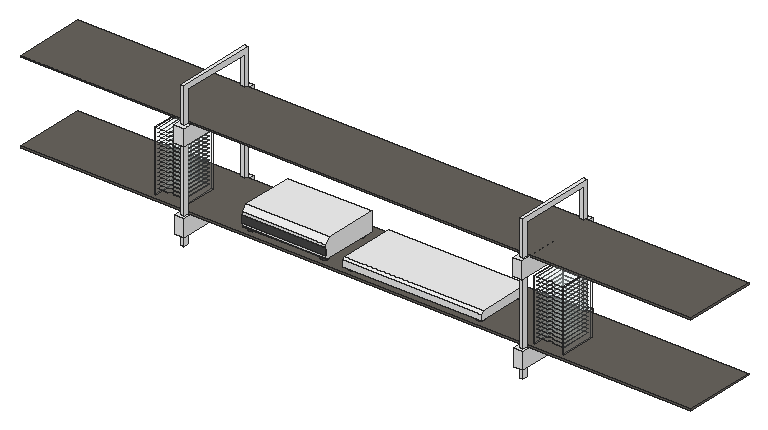
Revit family
Parameters (values of type "홈시어터시스템2")
  장식장폭 = 2800 mm
  장식장받침프레임 = steel frame
  장식장 판넬 = 목재
  오디오폭 = 2915.967 mm
  CD수납 = cd cover
  Assembly Code = ""
Reference planes
  plane 1 "Center (Front/Back)": y = 0
  plane 2: z = 0
  plane 3 "Center (Left/Right)": x = 0
  plane 4: z = 900
  plane 5: x = -1400
  plane 6: x = 1400
  plane 7: z = 1500
  plane 8 "speaker level": z = 600
  plane 9 "table height": z = 460
Forms (mm)
  Sweep 1, solid, material "steel frame" <- "장식장받침프레임"
    path origin (-20, 0, 0) x (0, 1, 0) y (0, 0, -1)
      loop
        line (165, 0) -> (165, -600) -> (-170, -600) -> (-170, 0)
    profile origin (-20, 165, 300) x (0, 1, 0) y (-1, 0, 0)
      loop
        line (0, 680) -> (0, 695) -> (-20, 695) -> (-20, 680) -> (0, 680)
  Extrusion 2, solid, material "steel frame" <- "장식장받침프레임"
    sketch origin (-1100, 0, 0) x (0, 1, 0) y (0, 0, 1)
      loop
        line (180, 455) -> (-190, 455) -> (-190, 385) -> (180, 385) -> (180, 455)
    from 372.34 to 412.793
  Sweep 3, solid, material "목재" <- "장식장 판넬"
    path origin (0, 0, 0) x (1, 0, 0) y (0, 1, 0)
      loop
        line (-1400, 0) -> (1400, 0)
    profile origin (0, 0, 0) x (0, 1, 0) y (0, 0, 1)
      loop
        line (150, 455) -> (150, 460) -> (-150, 460) -> (-150, 455) -> (150, 455)
  Extrusion 4, solid, material "steel frame" <- "장식장받침프레임"
    sketch origin (-1100, 0, -340) x (0, 1, 0) y (0, 0, 1)
      loop
        line (180, 455) -> (-185, 455) -> (-185, 385) -> (180, 385) -> (180, 455)
    from 372.34 to 412.793
  Sweep 5, solid, material "목재" <- "장식장 판넬"
    path origin (0, 0, -340) x (1, 0, 0) y (0, 1, 0)
      loop
        line (-1400, 0) -> (1400, 0)
    profile origin (0, 0, -340) x (0, 1, 0) y (0, 0, 1)
      loop
        line (150, 455) -> (150, 460) -> (-150, 460) -> (-150, 455) -> (150, 455)
  Extrusion 6, solid, material "tv frame"
    sketch origin (-240, 100, -325) x (0, 1, 0) y (0, 0, 1)
      loop
        line (8.833, 454.372) -> (8.833, 530.684) -> (-230, 530.684) -> (-230, 454.372) -> (8.833, 454.372)
    from -248.798 to 100
  Extrusion 7, solid, material "tv screen"
    sketch origin (0, 100, 0) x (1, 0, 0) y (0, 1, 0)
      loop
        circle (-465.45, -207.816) r 15
    from 115 to 129.372
  Extrusion 8, solid, material "tv screen"
    sketch origin (-628.798, 100, 0) x (-1, 0, 0) y (0, -1, 0)
      loop
        circle (-465.45, 207.816) r 15
    from 115 to 129.372
  Extrusion 9, solid, material "tv screen"
    sketch origin (0, 288.831, 0) x (1, 0, 0) y (0, 1, 0)
      loop
        circle (-465.45, -207.816) r 15
    from 115 to 129.372
  Extrusion 10, solid, material "tv screen"
    sketch origin (-628.798, 288.831, 0) x (-1, 0, 0) y (0, -1, 0)
      loop
        circle (-465.45, 207.816) r 15
    from 115 to 129.372
  Sweep 11, solid, material "tv screen"
    path origin (0, 100, -310) x (1, 0, 0) y (0, 1, 0)
      loop
        line (-488.798, 230) -> (-140, 230)
    profile origin (-314.399, 330, -310) x (0, 1, 0) y (0, 0, 1)
      loop
        line (-460, 485.731) -> (-461, 485.731) -> (-461, 453.844) -> (-460, 453.844) -> (-460, 485.731)
  Sweep 12, void
    path origin (0, 100, 600) x (-1, 0, 0) y (0, -1, 0)
      loop
        line (488.798, 231) -> (140, 231)
    profile origin (-314.399, -131, 600) x (0, 1, 0) y (0, 0, 1)
      loop
        line (1, -394.316) -> (1, -414.316) -> (21, -394.316) -> (1, -394.316)
      loop
        line (1, -466.56) -> (1, -470.628) -> (5.068, -470.628) -> (1, -466.56)
  Extrusion 13, solid, material "tv frame"
    sketch origin (180, 100, -325) x (0, 1, 0) y (0, 0, 1)
      loop
        line (8.833, 454.372) -> (8.833, 487.396) -> (-230, 487.396) -> (-230, 454.372) -> (8.833, 454.372)
    from -248.798 to 330
  Extrusion 14, solid, material "tv screen"
    sketch origin (420, 100, 0) x (1, 0, 0) y (0, 1, 0)
      loop
        circle (-465.45, -207.816) r 15
    from 115 to 129.372
  Extrusion 15, solid, material "tv screen"
    sketch origin (420, 288.831, 0) x (1, 0, 0) y (0, 1, 0)
      loop
        circle (-465.45, -207.816) r 15
    from 115 to 129.372
  Extrusion 16, solid, material "tv screen"
    sketch origin (21.202, 100, 0) x (-1, 0, 0) y (0, -1, 0)
      loop
        circle (-465.45, 207.816) r 15
    from 115 to 129.372
  Extrusion 17, solid, material "tv screen"
    sketch origin (21.202, 288.831, 0) x (-1, 0, 0) y (0, -1, 0)
      loop
        circle (-465.45, 207.816) r 15
    from 115 to 129.372
  Sweep 18, void
    path origin (0, 100, 0) x (1, 0, 0) y (0, 1, 0)
      loop
        line (-68.798, -230) -> (510, -230)
    profile origin (220.601, -130, 0) x (0, 1, 0) y (0, 0, 1)
      loop
        line (0, 162.396) -> (0, 152.396) -> (10, 162.396) -> (0, 162.396)
  Extrusion 19, solid, material "cd cover" <- "CD수납"
    sketch origin (-75, -140, 0) x (1, 0, 0) y (0, 1, 0)
      loop
        line (-658.884, 158.916) -> (-658.884, 9.174) -> (-653.884, 9.174) -> (-653.884, 158.916) -> (-658.884, 158.916)
    from 120 to 375.326
  Extrusion 20, solid, material "cd cover" <- "CD수납"
    sketch origin (-195, -140, 0) x (1, 0, 0) y (0, 1, 0)
      loop
        line (-658.884, 158.916) -> (-658.884, 9.174) -> (-653.884, 9.174) -> (-653.884, 158.916) -> (-658.884, 158.916)
    from 120 to 375.326
  Extrusion 21, solid, material "cd cover" <- "CD수납"
    sketch origin (0, -140, 0) x (1, 0, 0) y (0, 1, 0)
      loop
        line (-848.884, 146.674) -> (-848.884, 16.674) -> (-803.884, 16.674)
        arc (-803.884, 16.674) -> (-792.511, 25.742) -> (-781.137, 16.674) r 11.667
        line (-781.137, 16.674) -> (-733.884, 16.674) -> (-733.884, 146.674) -> (-848.884, 146.674)
    from 141.585 to 143.844
  Extrusion 22, solid, material "cd cover" <- "CD수납"
    sketch origin (0, -140, 15) x (1, 0, 0) y (0, 1, 0)
      loop
        line (-848.884, 146.674) -> (-848.884, 16.674) -> (-803.884, 16.674)
        arc (-803.884, 16.674) -> (-792.511, 25.742) -> (-781.137, 16.674) r 11.667
        line (-781.137, 16.674) -> (-733.884, 16.674) -> (-733.884, 146.674) -> (-848.884, 146.674)
    from 141.585 to 143.844
  Extrusion 23, solid, material "cd cover" <- "CD수납"
    sketch origin (0, -140, 30) x (1, 0, 0) y (0, 1, 0)
      loop
        line (-848.884, 146.674) -> (-848.884, 16.674) -> (-803.884, 16.674)
        arc (-803.884, 16.674) -> (-792.511, 25.742) -> (-781.137, 16.674) r 11.667
        line (-781.137, 16.674) -> (-733.884, 16.674) -> (-733.884, 146.674) -> (-848.884, 146.674)
    from 141.585 to 143.844
  Extrusion 24, solid, material "cd cover" <- "CD수납"
    sketch origin (0, -140, 45) x (1, 0, 0) y (0, 1, 0)
      loop
        line (-848.884, 146.674) -> (-848.884, 16.674) -> (-803.884, 16.674)
        arc (-803.884, 16.674) -> (-792.511, 25.742) -> (-781.137, 16.674) r 11.667
        line (-781.137, 16.674) -> (-733.884, 16.674) -> (-733.884, 146.674) -> (-848.884, 146.674)
    from 141.585 to 143.844
  Extrusion 25, solid, material "cd cover" <- "CD수납"
    sketch origin (0, -140, 60) x (1, 0, 0) y (0, 1, 0)
      loop
        line (-848.884, 146.674) -> (-848.884, 16.674) -> (-803.884, 16.674)
        arc (-803.884, 16.674) -> (-792.511, 25.742) -> (-781.137, 16.674) r 11.667
        line (-781.137, 16.674) -> (-733.884, 16.674) -> (-733.884, 146.674) -> (-848.884, 146.674)
    from 141.585 to 143.844
  Extrusion 26, solid, material "cd cover" <- "CD수납"
    sketch origin (0, -140, 75) x (1, 0, 0) y (0, 1, 0)
      loop
        line (-848.884, 146.674) -> (-848.884, 16.674) -> (-803.884, 16.674)
        arc (-803.884, 16.674) -> (-792.511, 25.742) -> (-781.137, 16.674) r 11.667
        line (-781.137, 16.674) -> (-733.884, 16.674) -> (-733.884, 146.674) -> (-848.884, 146.674)
    from 141.585 to 143.844
  Extrusion 27, solid, material "cd cover" <- "CD수납"
    sketch origin (0, -140, 90) x (1, 0, 0) y (0, 1, 0)
      loop
        line (-848.884, 146.674) -> (-848.884, 16.674) -> (-803.884, 16.674)
        arc (-803.884, 16.674) -> (-792.511, 25.742) -> (-781.137, 16.674) r 11.667
        line (-781.137, 16.674) -> (-733.884, 16.674) -> (-733.884, 146.674) -> (-848.884, 146.674)
    from 141.585 to 143.844
  Extrusion 28, solid, material "cd cover" <- "CD수납"
    sketch origin (0, -140, 105) x (1, 0, 0) y (0, 1, 0)
      loop
        line (-848.884, 146.674) -> (-848.884, 16.674) -> (-803.884, 16.674)
        arc (-803.884, 16.674) -> (-792.511, 25.742) -> (-781.137, 16.674) r 11.667
        line (-781.137, 16.674) -> (-733.884, 16.674) -> (-733.884, 146.674) -> (-848.884, 146.674)
    from 141.585 to 143.844
  Extrusion 29, solid, material "cd cover" <- "CD수납"
    sketch origin (0, -140, 120) x (1, 0, 0) y (0, 1, 0)
      loop
        line (-848.884, 146.674) -> (-848.884, 16.674) -> (-803.884, 16.674)
        arc (-803.884, 16.674) -> (-792.511, 25.742) -> (-781.137, 16.674) r 11.667
        line (-781.137, 16.674) -> (-733.884, 16.674) -> (-733.884, 146.674) -> (-848.884, 146.674)
    from 141.585 to 143.844
  Extrusion 30, solid, material "cd cover" <- "CD수납"
    sketch origin (0, -140, 135) x (1, 0, 0) y (0, 1, 0)
      loop
        line (-848.884, 146.674) -> (-848.884, 16.674) -> (-803.884, 16.674)
        arc (-803.884, 16.674) -> (-792.511, 25.742) -> (-781.137, 16.674) r 11.667
        line (-781.137, 16.674) -> (-733.884, 16.674) -> (-733.884, 146.674) -> (-848.884, 146.674)
    from 141.585 to 143.844
  Extrusion 31, solid, material "cd cover" <- "CD수납"
    sketch origin (0, -140, 150) x (1, 0, 0) y (0, 1, 0)
      loop
        line (-848.884, 146.674) -> (-848.884, 16.674) -> (-803.884, 16.674)
        arc (-803.884, 16.674) -> (-792.511, 25.742) -> (-781.137, 16.674) r 11.667
        line (-781.137, 16.674) -> (-733.884, 16.674) -> (-733.884, 146.674) -> (-848.884, 146.674)
    from 141.585 to 143.844
  Extrusion 32, solid, material "cd cover" <- "CD수납"
    sketch origin (0, -140, 165) x (1, 0, 0) y (0, 1, 0)
      loop
        line (-848.884, 146.674) -> (-848.884, 16.674) -> (-803.884, 16.674)
        arc (-803.884, 16.674) -> (-792.511, 25.742) -> (-781.137, 16.674) r 11.667
        line (-781.137, 16.674) -> (-733.884, 16.674) -> (-733.884, 146.674) -> (-848.884, 146.674)
    from 141.585 to 143.844
  Extrusion 33, solid, material "cd cover" <- "CD수납"
    sketch origin (0, -140, 180) x (1, 0, 0) y (0, 1, 0)
      loop
        line (-848.884, 146.674) -> (-848.884, 16.674) -> (-803.884, 16.674)
        arc (-803.884, 16.674) -> (-792.511, 25.742) -> (-781.137, 16.674) r 11.667
        line (-781.137, 16.674) -> (-733.884, 16.674) -> (-733.884, 146.674) -> (-848.884, 146.674)
    from 141.585 to 143.844
  Extrusion 34, solid, material "cd cover" <- "CD수납"
    sketch origin (0, -140, 195) x (1, 0, 0) y (0, 1, 0)
      loop
        line (-848.884, 146.674) -> (-848.884, 16.674) -> (-803.884, 16.674)
        arc (-803.884, 16.674) -> (-792.511, 25.742) -> (-781.137, 16.674) r 11.667
        line (-781.137, 16.674) -> (-733.884, 16.674) -> (-733.884, 146.674) -> (-848.884, 146.674)
    from 141.585 to 143.844
  Extrusion 35, solid, material "cd cover" <- "CD수납"
    sketch origin (0, -140, 210) x (1, 0, 0) y (0, 1, 0)
      loop
        line (-848.884, 146.674) -> (-848.884, 16.674) -> (-803.884, 16.674)
        arc (-803.884, 16.674) -> (-792.511, 25.742) -> (-781.137, 16.674) r 11.667
        line (-781.137, 16.674) -> (-733.884, 16.674) -> (-733.884, 146.674) -> (-848.884, 146.674)
    from 141.585 to 143.844
  Extrusion 36, solid, material "cd cover" <- "CD수납"
    sketch origin (0, -140, 225) x (1, 0, 0) y (0, 1, 0)
      loop
        line (-848.884, 146.674) -> (-848.884, 16.674) -> (-803.884, 16.674)
        arc (-803.884, 16.674) -> (-792.511, 25.742) -> (-781.137, 16.674) r 11.667
        line (-781.137, 16.674) -> (-733.884, 16.674) -> (-733.884, 146.674) -> (-848.884, 146.674)
    from 141.585 to 143.844
  Extrusion 37, solid, material "tv frame", not visible
    sketch origin (0, 0, 0) x (1, 0, 0) y (0, 0, 1)
      loop
        line (-550, 1500) -> (-550, 900) -> (550, 900) -> (550, 1500) -> (-550, 1500)
      loop
        line (-520, 1470) -> (-520, 950) -> (520, 950) -> (520, 1470) -> (-520, 1470)
    from -25 to 25
  Extrusion 38, solid, material "tv screen", not visible
    sketch origin (0, 0, 0) x (1, 0, 0) y (0, 0, 1)
      loop
        line (-520, 1470) -> (-520, 950) -> (520, 950) -> (520, 1470) -> (-520, 1470)
    from 12.287 to 18.476
  Sweep 39, void, not visible
    path origin (0, 0, 0) x (1, 0, 0) y (0, 1, 0)
      loop
        line (-535, 25) -> (535, 25)
    profile origin (0, 25, 0) x (0, 1, 0) y (0, 0, 1)
      loop
        line (-50, 930) -> (-50, 920) -> (-48.24, 920) -> (-48.24, 930) -> (-50, 930)
  Extrusion 40, void, not visible
    sketch origin (892.769, 0, 0.816) x (1, 0, 0) y (0, 0, 1)
      loop
        circle (-446.378, 909.596) r 6.777
    from 20.839 to 100
  Extrusion 41, void, not visible
    sketch origin (862.769, 0, 0.816) x (1, 0, 0) y (0, 0, 1)
      loop
        circle (-446.378, 909.596) r 6.777
    from 20.839 to 100
  Extrusion 42, void, not visible
    sketch origin (832.769, 0, 0.816) x (1, 0, 0) y (0, 0, 1)
      loop
        circle (-446.378, 909.596) r 6.777
    from 20.839 to 100
  Extrusion 43, void, not visible
    sketch origin (802.769, 0, 0.816) x (1, 0, 0) y (0, 0, 1)
      loop
        circle (-446.378, 909.596) r 6.777
    from 20.839 to 100
  Extrusion 44, solid, material "Default 2", not visible
    sketch origin (300, 0, 0) x (0, 1, 0) y (0, 0, 1)
      loop
        line (230, 460) -> (230, 520) -> (-120, 520) -> (-120, 460) -> (230, 460)
    from -248.798 to 141.202
  Sweep 45, void, not visible
    path origin (0, 0, 0) x (1, 0, 0) y (0, 1, 0)
      loop
        line (51.202, 230) -> (441.202, 230)
    profile origin (246.202, 230, 0) x (0, 1, 0) y (0, 0, 1)
      loop
        arc (-350, 477.43) -> (-346.602, 499.727) -> (-336.718, 520) r 74.864
        line (-336.718, 520) -> (-350, 520) -> (-350, 477.43)
  Extrusion 46, solid, material "tv screen", not visible
    sketch origin (0, 0, 0) x (0, 1, 0) y (0, 0, 1)
      loop
        line (-120, 465.731) -> (-120, 477.43)
        arc (-120, 477.43) -> (-117.726, 495.743) -> (-111.04, 512.944) r 74.864
        line (-111.04, 512.944) -> (-111.778, 513.681)
        arc (-111.778, 513.681) -> (-118.658, 496.133) -> (-121, 477.43) r 75.864
        line (-121, 477.43) -> (-121, 465.731) -> (-120, 465.731)
    from 62.601 to 224.448
  Extrusion 47, solid, material "tv screen", not visible
    sketch origin (175, 0, 0) x (0, 1, 0) y (0, 0, 1)
      loop
        line (-120, 467.396) -> (-120, 475.636) -> (-121, 475.636) -> (-121, 467.396) -> (-120, 467.396)
    from 212.382 to 229.058
  Extrusion 48, solid, material "tv screen", not visible
    sketch origin (150, 0, 0) x (0, 1, 0) y (0, 0, 1)
      loop
        line (-120, 467.396) -> (-120, 475.636) -> (-121, 475.636) -> (-121, 467.396) -> (-120, 467.396)
    from 212.382 to 229.058
  Extrusion 49, solid, material "tv screen", not visible
    sketch origin (125, 0, 0) x (0, 1, 0) y (0, 0, 1)
      loop
        line (-120, 467.396) -> (-120, 475.636) -> (-121, 475.636) -> (-121, 467.396) -> (-120, 467.396)
    from 212.382 to 229.058
  Extrusion 50, solid, material "tv screen", not visible
    sketch origin (100, 0, 0) x (0, 1, 0) y (0, 0, 1)
      loop
        line (-120, 467.396) -> (-120, 475.636) -> (-121, 475.636) -> (-121, 467.396) -> (-120, 467.396)
    from 212.382 to 229.058
  Extrusion 51, solid, material "tv screen", not visible
    sketch origin (75, 0, 0) x (0, 1, 0) y (0, 0, 1)
      loop
        line (-120, 467.396) -> (-120, 475.636) -> (-121, 475.636) -> (-121, 467.396) -> (-120, 467.396)
    from 212.382 to 229.058
  Sweep 52, void, not visible
    path origin (0, 0, 0) x (1, 0, 0) y (0, 1, 0)
      loop
        line (441.202, -120) -> (241.202, -120)
    profile origin (341.202, -120, 0) x (0, -1, 0) y (0, 0, 1)
      loop
        line (-9.336, 513.633) -> (-10.348, 513.633) -> (-9.255, 511.747) -> (-8.329, 511.747)
        arc (-8.329, 511.747) -> (-8.826, 512.694) -> (-9.336, 513.633) r 74.864
  Extrusion 53, solid, material "tv screen", not visible
    sketch origin (50, 0, 0) x (0, 1, 0) y (0, 0, 1)
      loop
        line (-120, 467.396) -> (-120, 475.636) -> (-121, 475.636) -> (-121, 467.396) -> (-120, 467.396)
    from 212.382 to 229.058
  Extrusion 54, solid, material "tv screen", not visible
    sketch origin (25, 0, 0) x (0, 1, 0) y (0, 0, 1)
      loop
        line (-120, 467.396) -> (-120, 475.636) -> (-121, 475.636) -> (-121, 467.396) -> (-120, 467.396)
    from 212.382 to 229.058
  Blend 55, solid, material "steel frame", not visible
    base sketch origin (-65.023, 0, 0) x (-1, 0, 0) y (0, -1, 0)
      loop
        circle (-1120.229, 0) r 140
    top sketch origin (-65.023, 0, 0) x (-1, 0, 0) y (0, -1, 0)
      loop
        circle (-1120.229, 0) r 105
    from 0 to 9.443
  Extrusion 56, solid, material "steel frame", not visible
    sketch origin (-65.023, 0, 0) x (-1, 0, 0) y (0, -1, 0)
      loop
        circle (-1118.03, 0) r 10
    from 9.443 to 500
  Extrusion 57, solid, material "steel frame", not visible
    sketch origin (-63.695, 0, 600) x (1, 0, 0) y (0, 1, 0)
      loop
        line (1173.007, 53.916) -> (1063.007, 53.916) -> (1063.007, -56.084) -> (1173.007, -56.084) -> (1173.007, 53.916)
    from -100 to 350
  Extrusion 58, solid, material "스피커", not visible
    sketch origin (-65.023, 0, 0) x (-1, 0, 0) y (0, 0, -1)
      loop
        line (-1158.007, -931.899) -> (-1077.907, -931.899) -> (-1077.907, -546.899) -> (-1158.007, -546.899) -> (-1158.007, -931.899)
    from 56.084 to 58.203
  Blend 59, solid, material "steel frame", not visible
    base sketch origin (-234.977, 0, 0) x (1, 0, 0) y (0, 1, 0)
      loop
        circle (-1120.229, 0) r 140
    top sketch origin (-234.977, 0, 0) x (1, 0, 0) y (0, 1, 0)
      loop
        circle (-1120.229, 0) r 105
    from 0 to 9.794
  Extrusion 60, solid, material "steel frame", not visible
    sketch origin (-234.977, 0, 0) x (1, 0, 0) y (0, 1, 0)
      loop
        circle (-1118.03, 0) r 10
    from 0 to 57.226
  Extrusion 61, solid, material "steel frame", not visible
    sketch origin (-224.977, 0, 600) x (-1, 0, 0) y (0, -1, 0)
      loop
        line (1283.007, -143.916) -> (1283.007, 139.073) -> (976.719, 139.073) -> (976.719, -143.916) -> (1283.007, -143.916)
    from -542.774 to -267.294
  Extrusion 62, solid, material "tv screen", not visible
    sketch origin (-254.977, 0, 0) x (1, 0, 0) y (0, 0, 1)
      loop
        circle (-1104.751, 193.506) r 90
    from 139.073 to 144.487
  Extrusion 63, void, not visible
    sketch origin (-336.324, 0, -182.709) x (1, 0, 0) y (0, 0, 1)
      loop
        circle (-1123.472, 279.619) r 25
    from 36.078 to 144.487
  Sweep 64, void, not visible
    path origin (0, 0, 0) x (1, 0, 0) y (0, 0, 1)
      loop
        circle (-1459.796, 96.91) r 25
    profile origin (-1459.796, 0, 71.91) x (0, 0, 1) y (0, -1, 0)
      loop
        line (0, 139.073) -> (-6.415, 139.073)
        arc (-6.415, 139.073) -> (-1.879, 137.194) -> (0, 132.658) r 6.415
        line (0, 132.658) -> (0, 139.073)
  Blend 65, solid, material "steel frame", not visible
    base sketch origin (65.023, 0, 0) x (1, 0, 0) y (0, 1, 0)
      loop
        circle (-1120.229, 0) r 140
    top sketch origin (65.023, 0, 0) x (1, 0, 0) y (0, 1, 0)
      loop
        circle (-1120.229, 0) r 105
    from 0 to 9.794
  Extrusion 66, solid, material "steel frame", not visible
    sketch origin (65.023, 0, 0) x (1, 0, 0) y (0, 1, 0)
      loop
        circle (-1118.03, 0) r 10
    from 9.794 to 500
  Extrusion 67, solid, material "steel frame", not visible
    sketch origin (65.023, 0, 600) x (-1, 0, 0) y (0, -1, 0)
      loop
        line (1173.007, -53.916) -> (1173.007, 56.084) -> (1063.007, 56.084) -> (1063.007, -53.916) -> (1173.007, -53.916)
    from -100 to 350
  Extrusion 68, solid, material "스피커", not visible
    sketch origin (65.023, 0, 0) x (1, 0, 0) y (0, 0, 1)
      loop
        line (-1158.007, 931.899) -> (-1158.007, 546.899) -> (-1077.907, 546.899) -> (-1077.907, 931.899) -> (-1158.007, 931.899)
    from 56.084 to 58.203
  Extrusion 69, solid, material "tv frame", not visible
    sketch origin (-240, 0, 0) x (0, 1, 0) y (0, 0, 1)
      loop
        line (230, 460) -> (230, 490) -> (-120, 490) -> (-120, 460) -> (230, 460)
    from -248.798 to 100
  Sweep 70, void, not visible
    path origin (0, 0, 0) x (1, 0, 0) y (0, 1, 0)
      loop
        line (-488.798, 230) -> (-140, 230)
    profile origin (-314.399, 230, 0) x (0, 1, 0) y (0, 0, 1)
      loop
        line (-350, 465.731) -> (-350, 460.731) -> (-348.953, 460.731) -> (-348.953, 465.731) -> (-350, 465.731)
  Sweep 71, solid, material "tv screen", not visible
    path origin (0, 0, 0) x (1, 0, 0) y (0, 1, 0)
      loop
        line (-488.798, 230) -> (-140, 230)
    profile origin (-314.399, 230, 0) x (0, 1, 0) y (0, 0, 1)
      loop
        line (-350, 485.731) -> (-351, 485.731) -> (-351, 468.844) -> (-350, 468.844) -> (-350, 485.731)
  Extrusion 72, void, not visible
    sketch origin (0, 0, 0) x (1, 0, 0) y (0, 0, 1)
      loop
        circle (-168.009, 477.43) r 3.589
    from 118.186 to 140.702
  Extrusion 73, void, not visible
    sketch origin (-15, 0, 0) x (1, 0, 0) y (0, 0, 1)
      loop
        circle (-168.009, 477.43) r 3.589
    from 118.186 to 140.702
  Extrusion 74, void, not visible
    sketch origin (-30, 0, 0) x (1, 0, 0) y (0, 0, 1)
      loop
        circle (-168.009, 477.43) r 3.589
    from 118.186 to 140.702
  Extrusion 75, void, not visible
    sketch origin (-45, 0, 0) x (1, 0, 0) y (0, 0, 1)
      loop
        circle (-168.009, 477.43) r 3.589
    from 118.186 to 140.702
  Extrusion 76, void, not visible
    sketch origin (-60, 0, 0) x (1, 0, 0) y (0, 0, 1)
      loop
        circle (-168.009, 477.43) r 3.589
    from 118.186 to 140.702
  Extrusion 77, void, not visible
    sketch origin (-75, 0, 0) x (1, 0, 0) y (0, 0, 1)
      loop
        circle (-168.009, 477.43) r 3.589
    from 118.186 to 140.702
  Extrusion 78, void, not visible
    sketch origin (-310, 0, 0) x (1, 0, 0) y (0, 0, 1)
      loop
        circle (-168.009, 477.43) r 3.589
    from 118.186 to 140.702
  Extrusion 79, solid, material "tv frame", not visible
    sketch origin (-240, 0, -325) x (0, 1, 0) y (0, 0, 1)
      loop
        line (8.833, 454.372) -> (8.833, 530.684) -> (-230, 530.684) -> (-230, 454.372) -> (8.833, 454.372)
    from -248.798 to 100
  Extrusion 80, solid, material "tv screen", not visible
    sketch origin (0, 0, 0) x (1, 0, 0) y (0, 1, 0)
      loop
        circle (-465.45, -207.816) r 15
    from 115 to 129.372
  Extrusion 81, solid, material "tv screen", not visible
    sketch origin (-628.798, 0, 0) x (-1, 0, 0) y (0, -1, 0)
      loop
        circle (-465.45, 207.816) r 15
    from 115 to 129.372
  Extrusion 82, solid, material "tv screen", not visible
    sketch origin (0, 188.831, 0) x (1, 0, 0) y (0, 1, 0)
      loop
        circle (-465.45, -207.816) r 15
    from 115 to 129.372
  Extrusion 83, solid, material "tv screen", not visible
    sketch origin (-628.798, 188.831, 0) x (-1, 0, 0) y (0, -1, 0)
      loop
        circle (-465.45, 207.816) r 15
    from 115 to 129.372
  Sweep 84, solid, material "tv screen", not visible
    path origin (0, 0, -310) x (1, 0, 0) y (0, 1, 0)
      loop
        line (-488.798, 230) -> (-140, 230)
    profile origin (-314.399, 230, -310) x (0, 1, 0) y (0, 0, 1)
      loop
        line (-460, 485.731) -> (-461, 485.731) -> (-461, 453.844) -> (-460, 453.844) -> (-460, 485.731)
  Sweep 85, void, not visible
    path origin (0, 0, 600) x (-1, 0, 0) y (0, -1, 0)
      loop
        line (488.798, 231) -> (140, 231)
    profile origin (-314.399, -231, 600) x (0, 1, 0) y (0, 0, 1)
      loop
        line (1, -394.316) -> (1, -414.316) -> (21, -394.316) -> (1, -394.316)
      loop
        line (1, -466.56) -> (1, -470.628) -> (5.068, -470.628) -> (1, -466.56)
  Extrusion 86, solid, material "tv frame", not visible
    sketch origin (180, 0, -325) x (0, 1, 0) y (0, 0, 1)
      loop
        line (8.833, 454.372) -> (8.833, 487.396) -> (-230, 487.396) -> (-230, 454.372) -> (8.833, 454.372)
    from -248.798 to 330
  Extrusion 87, solid, material "tv screen", not visible
    sketch origin (420, 0, 0) x (1, 0, 0) y (0, 1, 0)
      loop
        circle (-465.45, -207.816) r 15
    from 115 to 129.372
  Extrusion 88, solid, material "tv screen", not visible
    sketch origin (420, 188.831, 0) x (1, 0, 0) y (0, 1, 0)
      loop
        circle (-465.45, -207.816) r 15
    from 115 to 129.372
  Extrusion 89, solid, material "tv screen", not visible
    sketch origin (21.202, 0, 0) x (-1, 0, 0) y (0, -1, 0)
      loop
        circle (-465.45, 207.816) r 15
    from 115 to 129.372
  Extrusion 90, solid, material "tv screen", not visible
    sketch origin (21.202, 188.831, 0) x (-1, 0, 0) y (0, -1, 0)
      loop
        circle (-465.45, 207.816) r 15
    from 115 to 129.372
  Sweep 91, void, not visible
    path origin (0, 0, 0) x (1, 0, 0) y (0, 1, 0)
      loop
        line (-68.798, -230) -> (510, -230)
    profile origin (220.601, -230, 0) x (0, 1, 0) y (0, 0, 1)
      loop
        line (0, 162.396) -> (0, 152.396) -> (10, 162.396) -> (0, 162.396)
  Extrusion 92, solid, material "cd cover", not visible
    sketch origin (-75, 0, 0) x (1, 0, 0) y (0, 1, 0)
      loop
        line (-658.884, -121.084) -> (-658.884, -270.826) -> (-653.884, -270.826) -> (-653.884, -121.084) -> (-658.884, -121.084)
    from 120 to 375.326
  Extrusion 93, solid, material "cd cover", not visible
    sketch origin (-195, 0, 0) x (1, 0, 0) y (0, 1, 0)
      loop
        line (-658.884, -121.084) -> (-658.884, -270.826) -> (-653.884, -270.826) -> (-653.884, -121.084) -> (-658.884, -121.084)
    from 120 to 375.326
  Extrusion 94, solid, material "cd cover", not visible
    sketch origin (0, 0, 0) x (1, 0, 0) y (0, 1, 0)
      loop
        line (-848.884, -133.326) -> (-848.884, -263.326) -> (-803.884, -263.326)
        arc (-803.884, -263.326) -> (-792.511, -254.258) -> (-781.137, -263.326) r 11.667
        line (-781.137, -263.326) -> (-733.884, -263.326) -> (-733.884, -133.326) -> (-848.884, -133.326)
    from 141.585 to 143.844
  Extrusion 95, solid, material "cd cover", not visible
    sketch origin (0, 0, 15) x (1, 0, 0) y (0, 1, 0)
      loop
        line (-848.884, -133.326) -> (-848.884, -263.326) -> (-803.884, -263.326)
        arc (-803.884, -263.326) -> (-792.511, -254.258) -> (-781.137, -263.326) r 11.667
        line (-781.137, -263.326) -> (-733.884, -263.326) -> (-733.884, -133.326) -> (-848.884, -133.326)
    from 141.585 to 143.844
  Extrusion 96, solid, material "cd cover", not visible
    sketch origin (0, 0, 30) x (1, 0, 0) y (0, 1, 0)
      loop
        line (-848.884, -133.326) -> (-848.884, -263.326) -> (-803.884, -263.326)
        arc (-803.884, -263.326) -> (-792.511, -254.258) -> (-781.137, -263.326) r 11.667
        line (-781.137, -263.326) -> (-733.884, -263.326) -> (-733.884, -133.326) -> (-848.884, -133.326)
    from 141.585 to 143.844
  Extrusion 97, solid, material "cd cover", not visible
    sketch origin (0, 0, 45) x (1, 0, 0) y (0, 1, 0)
      loop
        line (-848.884, -133.326) -> (-848.884, -263.326) -> (-803.884, -263.326)
        arc (-803.884, -263.326) -> (-792.511, -254.258) -> (-781.137, -263.326) r 11.667
        line (-781.137, -263.326) -> (-733.884, -263.326) -> (-733.884, -133.326) -> (-848.884, -133.326)
    from 141.585 to 143.844
  Extrusion 98, solid, material "cd cover", not visible
    sketch origin (0, 0, 60) x (1, 0, 0) y (0, 1, 0)
      loop
        line (-848.884, -133.326) -> (-848.884, -263.326) -> (-803.884, -263.326)
        arc (-803.884, -263.326) -> (-792.511, -254.258) -> (-781.137, -263.326) r 11.667
        line (-781.137, -263.326) -> (-733.884, -263.326) -> (-733.884, -133.326) -> (-848.884, -133.326)
    from 141.585 to 143.844
  Extrusion 99, solid, material "cd cover", not visible
    sketch origin (0, 0, 75) x (1, 0, 0) y (0, 1, 0)
      loop
        line (-848.884, -133.326) -> (-848.884, -263.326) -> (-803.884, -263.326)
        arc (-803.884, -263.326) -> (-792.511, -254.258) -> (-781.137, -263.326) r 11.667
        line (-781.137, -263.326) -> (-733.884, -263.326) -> (-733.884, -133.326) -> (-848.884, -133.326)
    from 141.585 to 143.844
  Extrusion 100, solid, material "cd cover", not visible
    sketch origin (0, 0, 90) x (1, 0, 0) y (0, 1, 0)
      loop
        line (-848.884, -133.326) -> (-848.884, -263.326) -> (-803.884, -263.326)
        arc (-803.884, -263.326) -> (-792.511, -254.258) -> (-781.137, -263.326) r 11.667
        line (-781.137, -263.326) -> (-733.884, -263.326) -> (-733.884, -133.326) -> (-848.884, -133.326)
    from 141.585 to 143.844
  Extrusion 101, solid, material "cd cover", not visible
    sketch origin (0, 0, 105) x (1, 0, 0) y (0, 1, 0)
      loop
        line (-848.884, -133.326) -> (-848.884, -263.326) -> (-803.884, -263.326)
        arc (-803.884, -263.326) -> (-792.511, -254.258) -> (-781.137, -263.326) r 11.667
        line (-781.137, -263.326) -> (-733.884, -263.326) -> (-733.884, -133.326) -> (-848.884, -133.326)
    from 141.585 to 143.844
  Extrusion 102, solid, material "cd cover", not visible
    sketch origin (0, 0, 120) x (1, 0, 0) y (0, 1, 0)
      loop
        line (-848.884, -133.326) -> (-848.884, -263.326) -> (-803.884, -263.326)
        arc (-803.884, -263.326) -> (-792.511, -254.258) -> (-781.137, -263.326) r 11.667
        line (-781.137, -263.326) -> (-733.884, -263.326) -> (-733.884, -133.326) -> (-848.884, -133.326)
    from 141.585 to 143.844
  Extrusion 103, solid, material "cd cover", not visible
    sketch origin (0, 0, 135) x (1, 0, 0) y (0, 1, 0)
      loop
        line (-848.884, -133.326) -> (-848.884, -263.326) -> (-803.884, -263.326)
        arc (-803.884, -263.326) -> (-792.511, -254.258) -> (-781.137, -263.326) r 11.667
        line (-781.137, -263.326) -> (-733.884, -263.326) -> (-733.884, -133.326) -> (-848.884, -133.326)
    from 141.585 to 143.844
  Extrusion 104, solid, material "cd cover", not visible
    sketch origin (0, 0, 150) x (1, 0, 0) y (0, 1, 0)
      loop
        line (-848.884, -133.326) -> (-848.884, -263.326) -> (-803.884, -263.326)
        arc (-803.884, -263.326) -> (-792.511, -254.258) -> (-781.137, -263.326) r 11.667
        line (-781.137, -263.326) -> (-733.884, -263.326) -> (-733.884, -133.326) -> (-848.884, -133.326)
    from 141.585 to 143.844
  Extrusion 105, solid, material "cd cover", not visible
    sketch origin (0, 0, 165) x (1, 0, 0) y (0, 1, 0)
      loop
        line (-848.884, -133.326) -> (-848.884, -263.326) -> (-803.884, -263.326)
        arc (-803.884, -263.326) -> (-792.511, -254.258) -> (-781.137, -263.326) r 11.667
        line (-781.137, -263.326) -> (-733.884, -263.326) -> (-733.884, -133.326) -> (-848.884, -133.326)
    from 141.585 to 143.844
  Extrusion 106, solid, material "cd cover", not visible
    sketch origin (0, 0, 180) x (1, 0, 0) y (0, 1, 0)
      loop
        line (-848.884, -133.326) -> (-848.884, -263.326) -> (-803.884, -263.326)
        arc (-803.884, -263.326) -> (-792.511, -254.258) -> (-781.137, -263.326) r 11.667
        line (-781.137, -263.326) -> (-733.884, -263.326) -> (-733.884, -133.326) -> (-848.884, -133.326)
    from 141.585 to 143.844
  Extrusion 107, solid, material "cd cover", not visible
    sketch origin (0, 0, 195) x (1, 0, 0) y (0, 1, 0)
      loop
        line (-848.884, -133.326) -> (-848.884, -263.326) -> (-803.884, -263.326)
        arc (-803.884, -263.326) -> (-792.511, -254.258) -> (-781.137, -263.326) r 11.667
        line (-781.137, -263.326) -> (-733.884, -263.326) -> (-733.884, -133.326) -> (-848.884, -133.326)
    from 141.585 to 143.844
  Extrusion 108, solid, material "cd cover", not visible
    sketch origin (0, 0, 210) x (1, 0, 0) y (0, 1, 0)
      loop
        line (-848.884, -133.326) -> (-848.884, -263.326) -> (-803.884, -263.326)
        arc (-803.884, -263.326) -> (-792.511, -254.258) -> (-781.137, -263.326) r 11.667
        line (-781.137, -263.326) -> (-733.884, -263.326) -> (-733.884, -133.326) -> (-848.884, -133.326)
    from 141.585 to 143.844
  Extrusion 109, solid, material "cd cover", not visible
    sketch origin (0, 0, 225) x (1, 0, 0) y (0, 1, 0)
      loop
        line (-848.884, -133.326) -> (-848.884, -263.326) -> (-803.884, -263.326)
        arc (-803.884, -263.326) -> (-792.511, -254.258) -> (-781.137, -263.326) r 11.667
        line (-781.137, -263.326) -> (-733.884, -263.326) -> (-733.884, -133.326) -> (-848.884, -133.326)
    from 141.585 to 143.844
  Extrusion 110, solid, material "cd cover", not visible
    sketch origin (0, 0, 240) x (1, 0, 0) y (0, 1, 0)
      loop
        line (-848.884, -133.326) -> (-848.884, -263.326) -> (-803.884, -263.326)
        arc (-803.884, -263.326) -> (-792.511, -254.258) -> (-781.137, -263.326) r 11.667
        line (-781.137, -263.326) -> (-733.884, -263.326) -> (-733.884, -133.326) -> (-848.884, -133.326)
    from 141.585 to 143.844
  Sweep 111, solid, not visible
    path origin (0, 0, 0) x (0, 1, 0) y (0, 0, 1)
      loop
        line (300, 0) -> (300, 600) -> (-300, 600) -> (-300, 0)
    profile origin (0, 300, 300) x (0, -1, 0) y (1, 0, 0)
      loop
        line (0, 680) -> (20, 680) -> (20, 695) -> (0, 695) -> (0, 680)
  Sweep 112, solid, material "steel frame", not visible
    path origin (0, 0, 0) x (0, 1, 0) y (0, 0, -1)
      loop
        line (300, 0) -> (300, -600) -> (-300, -600) -> (-300, 0)
    profile origin (0, 300, 300) x (0, 1, 0) y (-1, 0, 0)
      loop
        line (0, 680) -> (0, 695) -> (-20, 695) -> (-20, 680) -> (0, 680)
  Extrusion 113, solid, material "steel frame", not visible
    sketch origin (-1080, 0, 0) x (0, 1, 0) y (0, 0, 1)
      loop
        line (280, 455) -> (-280, 455) -> (-280, 385) -> (280, 385) -> (280, 455)
    from 372.34 to 412.793
  Sweep 114, solid, material "목재", not visible
    path origin (0, 0, 0) x (1, 0, 0) y (0, 1, 0)
      loop
        line (-875, 0) -> (865, 0)
    profile origin (-5, 0, 0) x (0, 1, 0) y (0, 0, 1)
      loop
        line (280, 455) -> (280, 460) -> (-280, 460) -> (-280, 455) -> (280, 455)
  Extrusion 115, solid, material "steel frame", not visible
    sketch origin (295, 0, 0) x (0, 1, 0) y (0, 0, 1)
      loop
        line (280, 455) -> (-280, 455) -> (-280, 385) -> (280, 385) -> (280, 455)
    from 372.34 to 412.793
  Extrusion 116, solid, material "steel frame", not visible
    sketch origin (295, 0, -340) x (0, 1, 0) y (0, 0, 1)
      loop
        line (280, 455) -> (-280, 455) -> (-280, 385) -> (280, 385) -> (280, 455)
    from 372.34 to 412.793
  Extrusion 117, solid, material "steel frame", not visible
    sketch origin (-1080, 0, -340) x (0, 1, 0) y (0, 0, 1)
      loop
        line (280, 455) -> (-280, 455) -> (-280, 385) -> (280, 385) -> (280, 455)
    from 372.34 to 412.793
  Sweep 118, solid, material "목재", not visible
    path origin (0, 0, -340) x (1, 0, 0) y (0, 1, 0)
      loop
        line (-875, 0) -> (865, 0)
    profile origin (-5, 0, -340) x (0, 1, 0) y (0, 0, 1)
      loop
        line (280, 455) -> (280, 460) -> (-280, 460) -> (-280, 455) -> (280, 455)
  Extrusion 119, solid, material "cd cover" <- "CD수납", not visible
    sketch origin (-75, -280, 0) x (1, 0, 0) y (0, 1, 0)
      loop
        line (-658.884, 158.916) -> (-658.884, 9.174) -> (-653.884, 9.174) -> (-653.884, 158.916) -> (-658.884, 158.916)
    from 120 to 375.326
  Extrusion 120, solid, material "cd cover" <- "CD수납", not visible
    sketch origin (-195, -280, 0) x (1, 0, 0) y (0, 1, 0)
      loop
        line (-658.884, 158.916) -> (-658.884, 9.174) -> (-653.884, 9.174) -> (-653.884, 158.916) -> (-658.884, 158.916)
    from 120 to 375.326
  Extrusion 121, solid, material "cd cover" <- "CD수납", not visible
    sketch origin (0, -280, 0) x (1, 0, 0) y (0, 1, 0)
      loop
        line (-848.884, 146.674) -> (-848.884, 16.674) -> (-803.884, 16.674)
        arc (-803.884, 16.674) -> (-792.511, 25.742) -> (-781.137, 16.674) r 11.667
        line (-781.137, 16.674) -> (-733.884, 16.674) -> (-733.884, 146.674) -> (-848.884, 146.674)
    from 141.585 to 143.844
  Extrusion 122, solid, material "cd cover" <- "CD수납", not visible
    sketch origin (0, -280, 15) x (1, 0, 0) y (0, 1, 0)
      loop
        line (-848.884, 146.674) -> (-848.884, 16.674) -> (-803.884, 16.674)
        arc (-803.884, 16.674) -> (-792.511, 25.742) -> (-781.137, 16.674) r 11.667
        line (-781.137, 16.674) -> (-733.884, 16.674) -> (-733.884, 146.674) -> (-848.884, 146.674)
    from 141.585 to 143.844
  Extrusion 123, solid, material "cd cover" <- "CD수납", not visible
    sketch origin (0, -280, 30) x (1, 0, 0) y (0, 1, 0)
      loop
        line (-848.884, 146.674) -> (-848.884, 16.674) -> (-803.884, 16.674)
        arc (-803.884, 16.674) -> (-792.511, 25.742) -> (-781.137, 16.674) r 11.667
        line (-781.137, 16.674) -> (-733.884, 16.674) -> (-733.884, 146.674) -> (-848.884, 146.674)
    from 141.585 to 143.844
  Extrusion 124, solid, material "cd cover" <- "CD수납", not visible
    sketch origin (0, -280, 45) x (1, 0, 0) y (0, 1, 0)
      loop
        line (-848.884, 146.674) -> (-848.884, 16.674) -> (-803.884, 16.674)
        arc (-803.884, 16.674) -> (-792.511, 25.742) -> (-781.137, 16.674) r 11.667
        line (-781.137, 16.674) -> (-733.884, 16.674) -> (-733.884, 146.674) -> (-848.884, 146.674)
    from 141.585 to 143.844
  Extrusion 125, solid, material "cd cover" <- "CD수납", not visible
    sketch origin (0, -280, 60) x (1, 0, 0) y (0, 1, 0)
      loop
        line (-848.884, 146.674) -> (-848.884, 16.674) -> (-803.884, 16.674)
        arc (-803.884, 16.674) -> (-792.511, 25.742) -> (-781.137, 16.674) r 11.667
        line (-781.137, 16.674) -> (-733.884, 16.674) -> (-733.884, 146.674) -> (-848.884, 146.674)
    from 141.585 to 143.844
  Extrusion 126, solid, material "cd cover" <- "CD수납", not visible
    sketch origin (0, -280, 75) x (1, 0, 0) y (0, 1, 0)
      loop
        line (-848.884, 146.674) -> (-848.884, 16.674) -> (-803.884, 16.674)
        arc (-803.884, 16.674) -> (-792.511, 25.742) -> (-781.137, 16.674) r 11.667
        line (-781.137, 16.674) -> (-733.884, 16.674) -> (-733.884, 146.674) -> (-848.884, 146.674)
    from 141.585 to 143.844
  Extrusion 127, solid, material "cd cover" <- "CD수납", not visible
    sketch origin (0, -280, 90) x (1, 0, 0) y (0, 1, 0)
      loop
        line (-848.884, 146.674) -> (-848.884, 16.674) -> (-803.884, 16.674)
        arc (-803.884, 16.674) -> (-792.511, 25.742) -> (-781.137, 16.674) r 11.667
        line (-781.137, 16.674) -> (-733.884, 16.674) -> (-733.884, 146.674) -> (-848.884, 146.674)
    from 141.585 to 143.844
  Extrusion 128, solid, material "cd cover" <- "CD수납", not visible
    sketch origin (0, -280, 105) x (1, 0, 0) y (0, 1, 0)
      loop
        line (-848.884, 146.674) -> (-848.884, 16.674) -> (-803.884, 16.674)
        arc (-803.884, 16.674) -> (-792.511, 25.742) -> (-781.137, 16.674) r 11.667
        line (-781.137, 16.674) -> (-733.884, 16.674) -> (-733.884, 146.674) -> (-848.884, 146.674)
    from 141.585 to 143.844
  Extrusion 129, solid, material "cd cover" <- "CD수납", not visible
    sketch origin (0, -280, 120) x (1, 0, 0) y (0, 1, 0)
      loop
        line (-848.884, 146.674) -> (-848.884, 16.674) -> (-803.884, 16.674)
        arc (-803.884, 16.674) -> (-792.511, 25.742) -> (-781.137, 16.674) r 11.667
        line (-781.137, 16.674) -> (-733.884, 16.674) -> (-733.884, 146.674) -> (-848.884, 146.674)
    from 141.585 to 143.844
  Extrusion 130, solid, material "cd cover" <- "CD수납", not visible
    sketch origin (0, -280, 135) x (1, 0, 0) y (0, 1, 0)
      loop
        line (-848.884, 146.674) -> (-848.884, 16.674) -> (-803.884, 16.674)
        arc (-803.884, 16.674) -> (-792.511, 25.742) -> (-781.137, 16.674) r 11.667
        line (-781.137, 16.674) -> (-733.884, 16.674) -> (-733.884, 146.674) -> (-848.884, 146.674)
    from 141.585 to 143.844
  Extrusion 131, solid, material "cd cover" <- "CD수납", not visible
    sketch origin (0, -280, 150) x (1, 0, 0) y (0, 1, 0)
      loop
        line (-848.884, 146.674) -> (-848.884, 16.674) -> (-803.884, 16.674)
        arc (-803.884, 16.674) -> (-792.511, 25.742) -> (-781.137, 16.674) r 11.667
        line (-781.137, 16.674) -> (-733.884, 16.674) -> (-733.884, 146.674) -> (-848.884, 146.674)
    from 141.585 to 143.844
  Extrusion 132, solid, material "cd cover" <- "CD수납", not visible
    sketch origin (0, -280, 165) x (1, 0, 0) y (0, 1, 0)
      loop
        line (-848.884, 146.674) -> (-848.884, 16.674) -> (-803.884, 16.674)
        arc (-803.884, 16.674) -> (-792.511, 25.742) -> (-781.137, 16.674) r 11.667
        line (-781.137, 16.674) -> (-733.884, 16.674) -> (-733.884, 146.674) -> (-848.884, 146.674)
    from 141.585 to 143.844
  Extrusion 133, solid, material "cd cover" <- "CD수납", not visible
    sketch origin (0, -280, 180) x (1, 0, 0) y (0, 1, 0)
      loop
        line (-848.884, 146.674) -> (-848.884, 16.674) -> (-803.884, 16.674)
        arc (-803.884, 16.674) -> (-792.511, 25.742) -> (-781.137, 16.674) r 11.667
        line (-781.137, 16.674) -> (-733.884, 16.674) -> (-733.884, 146.674) -> (-848.884, 146.674)
    from 141.585 to 143.844
  Extrusion 134, solid, material "cd cover" <- "CD수납", not visible
    sketch origin (0, -280, 195) x (1, 0, 0) y (0, 1, 0)
      loop
        line (-848.884, 146.674) -> (-848.884, 16.674) -> (-803.884, 16.674)
        arc (-803.884, 16.674) -> (-792.511, 25.742) -> (-781.137, 16.674) r 11.667
        line (-781.137, 16.674) -> (-733.884, 16.674) -> (-733.884, 146.674) -> (-848.884, 146.674)
    from 141.585 to 143.844
  Extrusion 135, solid, material "cd cover" <- "CD수납", not visible
    sketch origin (0, -280, 210) x (1, 0, 0) y (0, 1, 0)
      loop
        line (-848.884, 146.674) -> (-848.884, 16.674) -> (-803.884, 16.674)
        arc (-803.884, 16.674) -> (-792.511, 25.742) -> (-781.137, 16.674) r 11.667
        line (-781.137, 16.674) -> (-733.884, 16.674) -> (-733.884, 146.674) -> (-848.884, 146.674)
    from 141.585 to 143.844
  Extrusion 136, solid, material "cd cover" <- "CD수납", not visible
    sketch origin (0, -280, 225) x (1, 0, 0) y (0, 1, 0)
      loop
        line (-848.884, 146.674) -> (-848.884, 16.674) -> (-803.884, 16.674)
        arc (-803.884, 16.674) -> (-792.511, 25.742) -> (-781.137, 16.674) r 11.667
        line (-781.137, 16.674) -> (-733.884, 16.674) -> (-733.884, 146.674) -> (-848.884, 146.674)
    from 141.585 to 143.844
  Extrusion 137, solid, material "cd cover" <- "CD수납"
    sketch origin (75, 140, 0) x (-1, 0, 0) y (0, -1, 0)
      loop
        line (-658.884, 121.084) -> (-653.884, 121.084) -> (-653.884, 270.826) -> (-658.884, 270.826) -> (-658.884, 121.084)
    from 120 to 375.326
  Extrusion 138, solid, material "cd cover" <- "CD수납"
    sketch origin (195, 140, 0) x (-1, 0, 0) y (0, -1, 0)
      loop
        line (-658.884, 121.084) -> (-653.884, 121.084) -> (-653.884, 270.826) -> (-658.884, 270.826) -> (-658.884, 121.084)
    from 120 to 375.326
  Extrusion 139, solid, material "cd cover" <- "CD수납"
    sketch origin (0, 140, 0) x (-1, 0, 0) y (0, -1, 0)
      loop
        line (-848.884, 133.326) -> (-733.884, 133.326) -> (-733.884, 263.326) -> (-781.137, 263.326)
        arc (-781.137, 263.326) -> (-792.511, 254.258) -> (-803.884, 263.326) r 11.667
        line (-803.884, 263.326) -> (-848.884, 263.326) -> (-848.884, 133.326)
    from 141.585 to 143.844
  Extrusion 140, solid, material "cd cover" <- "CD수납"
    sketch origin (0, 140, 15) x (-1, 0, 0) y (0, -1, 0)
      loop
        line (-848.884, 133.326) -> (-733.884, 133.326) -> (-733.884, 263.326) -> (-781.137, 263.326)
        arc (-781.137, 263.326) -> (-792.511, 254.258) -> (-803.884, 263.326) r 11.667
        line (-803.884, 263.326) -> (-848.884, 263.326) -> (-848.884, 133.326)
    from 141.585 to 143.844
  Extrusion 141, solid, material "cd cover" <- "CD수납"
    sketch origin (0, 140, 30) x (-1, 0, 0) y (0, -1, 0)
      loop
        line (-848.884, 133.326) -> (-733.884, 133.326) -> (-733.884, 263.326) -> (-781.137, 263.326)
        arc (-781.137, 263.326) -> (-792.511, 254.258) -> (-803.884, 263.326) r 11.667
        line (-803.884, 263.326) -> (-848.884, 263.326) -> (-848.884, 133.326)
    from 141.585 to 143.844
  Extrusion 142, solid, material "cd cover" <- "CD수납"
    sketch origin (0, 140, 45) x (-1, 0, 0) y (0, -1, 0)
      loop
        line (-848.884, 133.326) -> (-733.884, 133.326) -> (-733.884, 263.326) -> (-781.137, 263.326)
        arc (-781.137, 263.326) -> (-792.511, 254.258) -> (-803.884, 263.326) r 11.667
        line (-803.884, 263.326) -> (-848.884, 263.326) -> (-848.884, 133.326)
    from 141.585 to 143.844
  Extrusion 143, solid, material "cd cover" <- "CD수납"
    sketch origin (0, 140, 60) x (-1, 0, 0) y (0, -1, 0)
      loop
        line (-848.884, 133.326) -> (-733.884, 133.326) -> (-733.884, 263.326) -> (-781.137, 263.326)
        arc (-781.137, 263.326) -> (-792.511, 254.258) -> (-803.884, 263.326) r 11.667
        line (-803.884, 263.326) -> (-848.884, 263.326) -> (-848.884, 133.326)
    from 141.585 to 143.844
  Extrusion 144, solid, material "cd cover" <- "CD수납"
    sketch origin (0, 140, 75) x (-1, 0, 0) y (0, -1, 0)
      loop
        line (-848.884, 133.326) -> (-733.884, 133.326) -> (-733.884, 263.326) -> (-781.137, 263.326)
        arc (-781.137, 263.326) -> (-792.511, 254.258) -> (-803.884, 263.326) r 11.667
        line (-803.884, 263.326) -> (-848.884, 263.326) -> (-848.884, 133.326)
    from 141.585 to 143.844
  Extrusion 145, solid, material "cd cover" <- "CD수납"
    sketch origin (0, 140, 90) x (-1, 0, 0) y (0, -1, 0)
      loop
        line (-848.884, 133.326) -> (-733.884, 133.326) -> (-733.884, 263.326) -> (-781.137, 263.326)
        arc (-781.137, 263.326) -> (-792.511, 254.258) -> (-803.884, 263.326) r 11.667
        line (-803.884, 263.326) -> (-848.884, 263.326) -> (-848.884, 133.326)
    from 141.585 to 143.844
  Extrusion 146, solid, material "cd cover" <- "CD수납"
    sketch origin (0, 140, 105) x (-1, 0, 0) y (0, -1, 0)
      loop
        line (-848.884, 133.326) -> (-733.884, 133.326) -> (-733.884, 263.326) -> (-781.137, 263.326)
        arc (-781.137, 263.326) -> (-792.511, 254.258) -> (-803.884, 263.326) r 11.667
        line (-803.884, 263.326) -> (-848.884, 263.326) -> (-848.884, 133.326)
    from 141.585 to 143.844
  Extrusion 147, solid, material "cd cover" <- "CD수납"
    sketch origin (0, 140, 120) x (-1, 0, 0) y (0, -1, 0)
      loop
        line (-848.884, 133.326) -> (-733.884, 133.326) -> (-733.884, 263.326) -> (-781.137, 263.326)
        arc (-781.137, 263.326) -> (-792.511, 254.258) -> (-803.884, 263.326) r 11.667
        line (-803.884, 263.326) -> (-848.884, 263.326) -> (-848.884, 133.326)
    from 141.585 to 143.844
  Extrusion 148, solid, material "cd cover" <- "CD수납"
    sketch origin (0, 140, 135) x (-1, 0, 0) y (0, -1, 0)
      loop
        line (-848.884, 133.326) -> (-733.884, 133.326) -> (-733.884, 263.326) -> (-781.137, 263.326)
        arc (-781.137, 263.326) -> (-792.511, 254.258) -> (-803.884, 263.326) r 11.667
        line (-803.884, 263.326) -> (-848.884, 263.326) -> (-848.884, 133.326)
    from 141.585 to 143.844
  Extrusion 149, solid, material "cd cover" <- "CD수납"
    sketch origin (0, 140, 150) x (-1, 0, 0) y (0, -1, 0)
      loop
        line (-848.884, 133.326) -> (-733.884, 133.326) -> (-733.884, 263.326) -> (-781.137, 263.326)
        arc (-781.137, 263.326) -> (-792.511, 254.258) -> (-803.884, 263.326) r 11.667
        line (-803.884, 263.326) -> (-848.884, 263.326) -> (-848.884, 133.326)
    from 141.585 to 143.844
  Extrusion 150, solid, material "cd cover" <- "CD수납"
    sketch origin (0, 140, 165) x (-1, 0, 0) y (0, -1, 0)
      loop
        line (-848.884, 133.326) -> (-733.884, 133.326) -> (-733.884, 263.326) -> (-781.137, 263.326)
        arc (-781.137, 263.326) -> (-792.511, 254.258) -> (-803.884, 263.326) r 11.667
        line (-803.884, 263.326) -> (-848.884, 263.326) -> (-848.884, 133.326)
    from 141.585 to 143.844
  Extrusion 151, solid, material "cd cover" <- "CD수납"
    sketch origin (0, 140, 180) x (-1, 0, 0) y (0, -1, 0)
      loop
        line (-848.884, 133.326) -> (-733.884, 133.326) -> (-733.884, 263.326) -> (-781.137, 263.326)
        arc (-781.137, 263.326) -> (-792.511, 254.258) -> (-803.884, 263.326) r 11.667
        line (-803.884, 263.326) -> (-848.884, 263.326) -> (-848.884, 133.326)
    from 141.585 to 143.844
  Extrusion 152, solid, material "cd cover" <- "CD수납"
    sketch origin (0, 140, 195) x (-1, 0, 0) y (0, -1, 0)
      loop
        line (-848.884, 133.326) -> (-733.884, 133.326) -> (-733.884, 263.326) -> (-781.137, 263.326)
        arc (-781.137, 263.326) -> (-792.511, 254.258) -> (-803.884, 263.326) r 11.667
        line (-803.884, 263.326) -> (-848.884, 263.326) -> (-848.884, 133.326)
    from 141.585 to 143.844
  Extrusion 153, solid, material "cd cover" <- "CD수납"
    sketch origin (0, 140, 210) x (-1, 0, 0) y (0, -1, 0)
      loop
        line (-848.884, 133.326) -> (-733.884, 133.326) -> (-733.884, 263.326) -> (-781.137, 263.326)
        arc (-781.137, 263.326) -> (-792.511, 254.258) -> (-803.884, 263.326) r 11.667
        line (-803.884, 263.326) -> (-848.884, 263.326) -> (-848.884, 133.326)
    from 141.585 to 143.844
  Extrusion 154, solid, material "cd cover" <- "CD수납"
    sketch origin (0, 140, 225) x (-1, 0, 0) y (0, -1, 0)
      loop
        line (-848.884, 133.326) -> (-733.884, 133.326) -> (-733.884, 263.326) -> (-781.137, 263.326)
        arc (-781.137, 263.326) -> (-792.511, 254.258) -> (-803.884, 263.326) r 11.667
        line (-803.884, 263.326) -> (-848.884, 263.326) -> (-848.884, 133.326)
    from 141.585 to 143.844
  Sweep 155, solid, material "steel frame" <- "장식장받침프레임"
    path origin (20, 0, 0) x (0, 1, 0) y (0, 0, 1)
      loop
        line (165, 0) -> (165, 600) -> (-170, 600) -> (-170, 0)
    profile origin (20, 165, 300) x (0, -1, 0) y (1, 0, 0)
      loop
        line (0, 680) -> (20, 680) -> (20, 695) -> (0, 695) -> (0, 680)
  Extrusion 156, solid, material "steel frame" <- "장식장받침프레임"
    sketch origin (1100, 0, 0) x (0, 1, 0) y (0, 0, -1)
      loop
        line (180, -455) -> (180, -385) -> (-190, -385) -> (-190, -455) -> (180, -455)
    from 372.34 to 412.793
  Extrusion 157, solid, material "steel frame" <- "장식장받침프레임"
    sketch origin (1100, 0, -340) x (0, 1, 0) y (0, 0, -1)
      loop
        line (180, -455) -> (180, -385) -> (-185, -385) -> (-185, -455) -> (180, -455)
    from 372.34 to 412.793
Cuts and joins
  Sweep 12 cuts Extrusion 6
  Sweep 18 cuts Extrusion 13
Dimensions and locks
  equal spacing: plane 5, plane 3 "Center (Left/Right)", plane 6
  "장식장폭": plane 5 to plane 6
  aligned and locked: plane 5 to Sweep 3
  aligned and locked: plane 6 to Sweep 3
  aligned and locked: Extrusion 56 to Blend 55
  aligned and locked: Extrusion 56 to Extrusion 57
  aligned and locked: Extrusion 66 to Blend 65
  aligned and locked: Extrusion 66 to Extrusion 67
  aligned and locked: Extrusion 68 to Extrusion 67
Automatic sketch dimensions
  Sweep 1 sketch curve to plane 8 "speaker level" = 0 mm
  Sweep 1 sketch curve to level = 0 mm  (x2)
  plane 1 "Center (Front/Back)" to Sweep 1 sketch curve = 170 mm
  Sweep 1 sketch curve to plane 1 "Center (Front/Back)" = 165 mm
  Sweep 1 sketch curve to profile plane = 0 mm
  profile plane to Sweep 1 sketch curve = 20 mm
  profile plane to Sweep 1 sketch curve = 680 mm
  Sweep 1 sketch curve to Sweep 1 sketch curve = 15 mm
  Extrusion 2 sketch curve to plane 9 "table height" = 5 mm
  plane 1 "Center (Front/Back)" to Extrusion 2 sketch curve = 190 mm
  Extrusion 2 sketch curve to plane 9 "table height" = 75 mm
  Extrusion 2 sketch curve to plane 1 "Center (Front/Back)" = 180 mm
  Sweep 3 sketch curve to plane 1 "Center (Front/Back)" = 0 mm
  Sweep 3 sketch curve to plane 5 = 0 mm
  Sweep 3 sketch curve to plane 6 = 0 mm
  profile plane to Sweep 3 sketch curve = 150 mm
  Sweep 3 sketch curve to profile plane = 150 mm
  level to Sweep 3 sketch curve = 455 mm
  Sweep 3 sketch curve to Sweep 3 sketch curve = 5 mm
  plane 1 "Center (Front/Back)" to Extrusion 4 sketch curve = 185 mm
  level to Extrusion 4 sketch curve = 45 mm
  Extrusion 4 sketch curve to plane 1 "Center (Front/Back)" = 180 mm
  Extrusion 4 sketch curve to Extrusion 4 sketch curve = 70 mm
  Sweep 5 sketch curve to plane 1 "Center (Front/Back)" = 0 mm
  Sweep 5 sketch curve to plane 5 = 0 mm
  Sweep 5 sketch curve to plane 6 = 0 mm
  profile plane to Sweep 5 sketch curve = 150 mm
  Sweep 5 sketch curve to profile plane = 150 mm
  profile plane to Sweep 5 sketch curve = 455 mm
  Sweep 5 sketch curve to Sweep 5 sketch curve = 5 mm
  Sweep 155 sketch curve to plane 8 "speaker level" = 0 mm
  Sweep 155 sketch curve to level = 0 mm  (x2)
  plane 1 "Center (Front/Back)" to Sweep 155 sketch curve = 170 mm
  Sweep 155 sketch curve to plane 1 "Center (Front/Back)" = 165 mm
  Sweep 155 sketch curve to profile plane = 0 mm
  Sweep 155 sketch curve to profile plane = 20 mm
  profile plane to Sweep 155 sketch curve = 680 mm
  Sweep 155 sketch curve to Sweep 155 sketch curve = 15 mm
  Extrusion 156 sketch curve to plane 9 "table height" = 5 mm
  plane 1 "Center (Front/Back)" to Extrusion 156 sketch curve = 190 mm
  Extrusion 156 sketch curve to plane 9 "table height" = 75 mm
  Extrusion 156 sketch curve to plane 1 "Center (Front/Back)" = 180 mm
  plane 1 "Center (Front/Back)" to Extrusion 157 sketch curve = 185 mm
  level to Extrusion 157 sketch curve = 45 mm
  Extrusion 157 sketch curve to plane 1 "Center (Front/Back)" = 180 mm
  Extrusion 157 sketch curve to Extrusion 157 sketch curve = 70 mm
